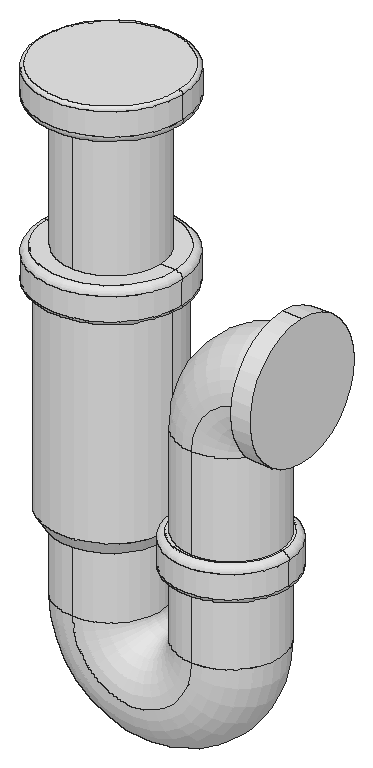
Revit family "S-31", category Pipe Fittings, Revit 2015
Parameters (values of type "S-31_1 1/2"")
  r = 38.1 mm
  URL = "http://www.jimten.com/es/producto/120/sifon-fregadero"
  Salida = "Ø40 MM (HEMBRA)"
  S = 40 mm
  Referencia = "006028"
  Model = "S-31"  # constant formula
  Material = PP (Blanco)
  Manufacturer = "Jimten"  # constant formula
  Entradas = "1 1/2'' ROSCA HEMBRA"
  Description = "SIFON CURVO EXTENSIBLE, SALIDA HORIZONTAL, RACOR CON JUNTA FIX"  # constant formula
  Type Comments = ""
  Certificados = ""
  Caudal = 0.4 L/s  # constant formula
  Aplicación = "LAVABO, BIDET"  # constant formula
  Amin = 170 mm
  Amax = 230 mm
  A_cálculo [instance] = if(A < Amax, if(A > Amin, A, Amin), Amax)  # 180 mm
  A [instance] = 180 mm
Types (4, lengths in mm): name | r | Salida | S | Referencia | Entradas | Amin | Amax | A_cálculo | A
  (no name) | 38.1 | "Ø40 MM (HEMBRA)" | 40 | "006028" | "1 1/2'' ROSCA HEMBRA" | 170 | 230 | 180 | 180
  S-31_1 1/2" | 38.1 | "Ø40 MM (HEMBRA)" | 40 | "006028" | "1 1/2'' ROSCA HEMBRA" | 170 | 230 | 180 | 180
  S-31_1 1/4" x 1 1/2" | 31.8 | "Ø40 MM (HEMBRA)" | 40 | "006366" | "1 1/4'' ROSCA HEMBRA" | 170 | 230 | 170 | 160
  S-31_1 1/4" | 31.8 | "Ø32 MM (HEMBRA)" | 32 | "006046" | "1 1/4'' ROSCA HEMBRA" | 163 | 210 | 163 | 160
Reference planes
  plane 1 "Centro (Frontal/Posterior)": y = 0
  plane 2: z = -80
  plane 3 "Centro (Izquierda/Derecha)": x = 0
  plane 4: x = 59
  plane 5 "Superior": z = 100
  plane 6: z = -46.5
  plane 7: x = 37
  plane 8: z = 30
  plane 9: z = -26.5
  plane 10: z = 90
Forms (mm)
  Sweep 1, solid, material "PP (Blanco)" <- "Material"
    path in 3D
      loop
        line (0, 0, 90) -> (0, 0, -46.5)
        arc (0, 0, -46.5) -> (18.5, 0, -65) -> (37, 0, -46.5) r 18.5
        line (37, 0, -46.5) -> (37, 0, 12)
        arc (37, 0, 12) -> (42.272, 0, 24.728) -> (55, 0, 30) r 18
        line (55, 0, 30) -> (59, 0, 30)
    profile origin (0, 0, 21.75) x (0, -1, 0) y (1, 0, 0)
      loop
        circle (0, 0) r 15
  Sweep 2, solid, material "PP (Blanco)" <- "Material"
    path origin (0, 0, 0) x (1, 0, 0) y (0, 0, 1)
      loop
        line (59, 30) -> (52.966, 30)
    profile origin (55.983, 0, 30) x (0, 0, -1) y (0, -1, 0)
      loop
        circle (0, 0) r 20
  Revolve 3, solid, material "PP (Blanco)" <- "Material"
    sketch origin (0, 0, 0) x (1, 0, 0) y (0, 0, 1)
      loop
        line (-15.001, -26.5) -> (-15.001, 49.717) -> (-20, 49.717)
        arc (-20, 49.717) -> (-21.414, 49.131) -> (-22, 47.717) r 2
        line (-22, 47.717) -> (-22, 40.717)
        arc (-22, 40.717) -> (-21.707, 40.009) -> (-21, 39.717) r 1
        line (-21, 39.717) -> (-19, 39.717) -> (-19, -22.356) -> (-16.399, -26.5) -> (-15.001, -26.5)
      axis (0, -26.5) -> (0, 49.717)
    angle from 0 to 360
  Revolve 4, solid, material "PP (Blanco)" <- "Material"
    sketch origin (0, 0, 0) x (1, 0, 0) y (0, 0, 1)
      loop
        line (21.996, -26.5) -> (21.996, -16.5) -> (21.05, -16.5)
        arc (21.05, -16.5) -> (19.636, -17.086) -> (19.05, -18.5) r 2
        line (19.05, -18.5) -> (19.05, -25.5)
        arc (19.05, -25.5) -> (19.343, -26.207) -> (20.05, -26.5) r 1
        line (20.05, -26.5) -> (21.996, -26.5)
      axis (37, -26.5) -> (37, -16.5)
    angle from 0 to 360
  Extrusion 5, solid, material "PP (Blanco)" <- "Material"
    sketch origin (-151.894, -1524, 100) x (-1, 0, 0) y (0, -1, 0)
      loop
        circle (-151.894, -1524) r 19.05
    from -10 to 0
  Sweep 6, solid, material "PP (Blanco)" <- "Material"
    path origin (-151.894, -1524, 100) x (-1, 0, 0) y (0, -1, 0)
      loop
        circle (-151.894, -1524) r 19.05
    profile origin (0, -19.05, 100) x (0, 1, 0) y (0, 0, 1)
      loop
        line (0, 0) -> (-2, 0)
        arc (-2, 0) -> (-2.707, -0.293) -> (-3, -1) r 1
        line (-3, -1) -> (-3, -8)
        arc (-3, -8) -> (-2.414, -9.414) -> (-1, -10) r 2
        line (-1, -10) -> (0, -10) -> (0, 0)
Cuts and joins
  joined: Sweep 1, Sweep 2
  joined: Extrusion 5, Sweep 6
Lines and regions (mm)
  reference lines
    curve 1: line (0, 0, 90) -> (0, 0, -46.5)
    curve 2: arc (0, 0, -46.5) -> (18.5, 0, -65) -> (37, 0, -46.5) r 18.5
    curve 3: line (37, 0, -46.5) -> (37, 0, 12)
    curve 4: line (55, 0, 30) -> (59, 0, 30)
    curve 5: arc (37, 0, 12) -> (42.272, 0, 24.728) -> (55, 0, 30) r 18
  sketch lines
    curve 6: line (0, 0, 90) -> (0, 0, -46.5)
    curve 7: arc (0, 0, -46.5) -> (18.5, 0, -65) -> (37, 0, -46.5) r 18.5
    curve 8: line (37, 0, -46.5) -> (37, 0, 12)
    curve 9: arc (37, 0, 12) -> (42.272, 0, 24.728) -> (55, 0, 30) r 18
    curve 10: line (55, 0, 30) -> (59, 0, 30)
Dimensions and locks
  "A_cálculo": plane 5 "Superior" to level
  locked: plane 6 to level at 33.5
  plane 4 to plane 3 "Centro (Izquierda/Derecha)" = 59 mm
  locked: Sweep 2 sketch curve to Sweep 2 sketch curve at 6.034
  locked: plane 7 to plane 3 "Centro (Izquierda/Derecha)" at 37
  locked: plane 9 to plane 6 at 20
  locked: Revolve 3 sketch curve to Revolve 3 sketch curve at 76.217
  locked: plane 5 "Superior" to plane 10 at 10
  locked: plane 7 to curve 5 at 18
  locked: Revolve 4 sketch curve to Revolve 4 sketch curve at 10
  "S": diameter of Sweep 2 sketch curve
  "r": diameter of Extrusion 5 sketch curve
  aligned and locked: level to plane 2
  aligned and locked: curve 1 to plane 3 "Centro (Izquierda/Derecha)"
  aligned and locked: curve 3 to plane 7
  aligned and locked: curve 4 to plane 8
  aligned and locked: plane 8 to Sweep 2 sketch curve  (x2)
  aligned and locked: curve 3 to Revolve 4 sketch curve
  aligned and locked: plane 1 "Centro (Frontal/Posterior)" to Extrusion 5 sketch curve
  aligned and locked: plane 3 "Centro (Izquierda/Derecha)" to Extrusion 5 sketch curve
  aligned and locked: plane 5 "Superior" to Extrusion 5
  aligned and locked: Extrusion 5 to curve 1
  aligned and locked: Sweep 6 sketch curve to Extrusion 5
Automatic sketch dimensions
  Sweep 1 sketch curve to profile plane = 0 mm
  profile plane to Sweep 1 sketch curve = 0 mm
  Sweep 2 sketch curve to plane 4 = 0 mm
  curve 4 to plane 4 = 0 mm
  curve 1 to plane 6 = 0 mm
  curve 1 to plane 10 = 0 mm
  curve 1 to plane 3 "Centro (Izquierda/Derecha)" = 0 mm
  Sweep 6 sketch curve to profile plane = 0 mm
  profile plane to Sweep 6 sketch curve = 1 mm
  profile plane to Sweep 6 sketch curve = 2 mm
  Sweep 6 sketch curve to Sweep 6 sketch curve = 1 mm
  Sweep 6 sketch curve to Sweep 6 sketch curve = 7 mm
  Sweep 6 sketch curve to plane 5 "Superior" = 0 mm
  Revolve 3 sketch curve to plane 9 = 0 mm  (x2)
  Revolve 3 sketch curve to plane 3 "Centro (Izquierda/Derecha)" = 0 mm
  Revolve 3 sketch curve to plane 3 "Centro (Izquierda/Derecha)" = 15.001 mm
  Revolve 3 sketch curve to Revolve 3 sketch curve = 1.398 mm
  Revolve 3 sketch curve to Revolve 3 sketch curve = 2.601 mm
  Revolve 3 sketch curve to Revolve 3 sketch curve = 4.999 mm
  Revolve 3 sketch curve to Revolve 3 sketch curve = 2 mm  (x2)
  plane 9 to Revolve 3 sketch curve = 4.144 mm
  Revolve 3 sketch curve to Revolve 3 sketch curve = 8 mm
  plane 8 to Revolve 3 sketch curve = 9 mm
  Revolve 4 sketch curve to plane 9 = 0 mm  (x2)
  plane 7 to Revolve 4 sketch curve = 15.004 mm
  Revolve 4 sketch curve to Revolve 4 sketch curve = 0.945 mm
  Revolve 4 sketch curve to Revolve 4 sketch curve = 1.945 mm
  Revolve 4 sketch curve to Revolve 4 sketch curve = 1 mm
  Revolve 4 sketch curve to Revolve 4 sketch curve = 9.25 mm
  Sweep 2 sketch curve to plane 1 "Centro (Frontal/Posterior)" = 0 mm
  radius of Sweep 1 sketch curve = 15 mm
Connectors
  piping at (59, 0, 30), diameter 40, driven by "S"
    settings: on cut or joined group of Sweep 1, Sweep 2, index 1, connector inside diameter 609.6 mm, connector length 0 mm, flow factor 0, pipe flow 0.0 L/s, pressure drop 0.0 Pa, fitting loss kfactor 0, connector angle 0.00°, fixture units 0, engagement length 0 mm, angle of deflection 0.00°, flow configuration 0, flow direction 2, fitting loss method 0, system type 29, joint type 0, gender type 0, connector reference index -1, connector utility 0, adjustable connector yes, is connector primary yes, connector description ""
  piping at (0, 0, 100), diameter 38.1, driven by "r"
    settings: on Extrusion 5, index 2, connector inside diameter 609.6 mm, connector length 0 mm, flow factor 0, pipe flow 0.0 L/s, pressure drop 0.0 Pa, fitting loss kfactor 0, connector angle 0.00°, fixture units 0, engagement length 0 mm, angle of deflection 0.00°, flow configuration 0, flow direction 1, fitting loss method 0, system type 29, joint type 0, gender type 0, connector reference index -1, connector utility 0, adjustable connector no, is connector primary no, connector description ""
